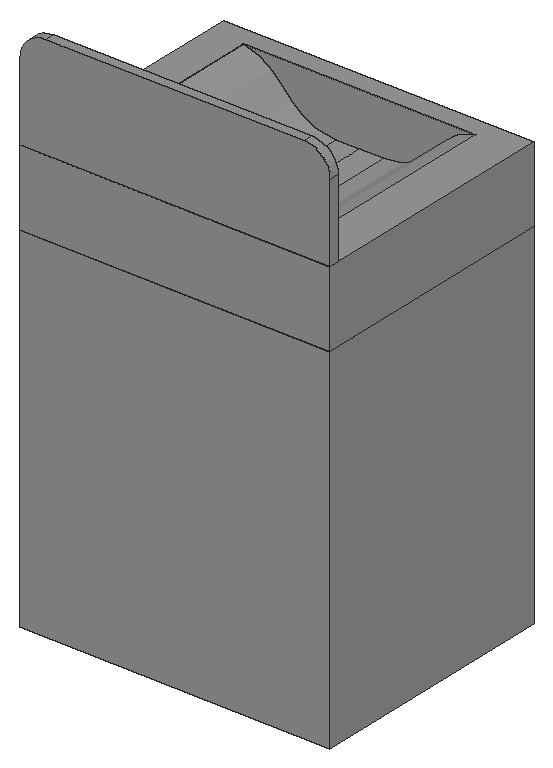
Revit family "Single Sink Vanity 24 in_Wall Hung", category Casework, host Wall, Revit 2025
Family settings
  Host = Wall
  OmniClass Number = 23.40.35.00
  OmniClass Title = Casework
  Always vertical = Yes
  Cut with Voids When Loaded = No
  Shared = No
  Room Calculation Point = No
Parameters (values of type "Single Sink Vanity 794mm_Wall Hung")
  Mirror Height = 0' - 4.06299"
  Length = 3' - 6"
  Height = 2' - 9.46457"
  Depth = 1' - 7.68504"
  Default Elevation = 0' - 0"
  Cabinet Mullions = 0' - 0 3/4"
Types (2): name
  Single Sink Vanity 794mm_Wall Hung
  Single Sink Vanity 24"_Wall Hung
Reference planes (in)
  plane 1: y = 0
  plane 2 "Center (Left/Right)": x = 0
  plane 3 "Left": x = -2.50394
  plane 4 "Right": x = 39.49606
  plane 5 "Front": y = 22.68504
  plane 6 "Back": y = 3
  plane 7 "Top": z = 33.46457
Forms (in)
  Extrusion 1, solid, material "Solid Surface Countertop"
    sketch origin (4.26772, 0, 0) x (1, 0, 0) y (0, 1, 0)
      loop
        line (-11.51181, 22.68504) -> (-11.51181, 3) -> (12.52709, 3) -> (12.52709, 22.68504) -> (-11.51181, 22.68504)
    from 27.55859 to 33.46484
  Extrusion 2, solid, material "Ash"
    sketch origin (-0.09375, 0, 0) x (1, 0, 0) y (0, 1, 0)
      loop
        line (-7.15034, 3) -> (16.88856, 3) -> (16.88856, 22.68504) -> (-7.15034, 22.68504) -> (-7.15034, 3)
    from 0 to 27.55859
  Extrusion 3, void
    sketch origin (2.51378, 22.68504, 0) x (-1, 0, 0) y (0, 0, -1)
      loop
        line (-11.02119, -33.46484) -> (-11.21668, -34.57353) -> (6.97881, -34.57353) -> (6.97881, -33.4264)
        spline (6.97881, -33.4264) -> (6.23926, -33.24547) -> (5.60882, -32.95943) -> (5.0628, -32.59104) -> (4.5765, -32.16306) -> (4.12522, -31.69822) -> (3.68426, -31.21928) -> (3.22894, -30.74899) -> (2.73456, -30.31011) -> (2.17641, -29.92536) -> (1.5298, -29.61752) -> (0.77004, -29.40933) -> (-0.12757, -29.32353)
        line (-0.12757, -29.32353) -> (-1.9879, -29.32353) -> (-3.84822, -29.32353)
        spline (-3.84822, -29.32353) -> (-4.75425, -29.41013) -> (-5.52112, -29.62028) -> (-6.17379, -29.931) -> (-6.73717, -30.31935) -> (-7.23618, -30.76235) -> (-7.69577, -31.23704) -> (-8.14085, -31.72047) -> (-8.59636, -32.18966) -> (-9.08722, -32.62165) -> (-9.63836, -32.99349) -> (-10.27471, -33.28221) -> (-11.02119, -33.46484)
    from 1.48177 to 15.74504
  Extrusion 4, solid, material "Solid Surface Countertop"
    sketch origin (-7.24409, 3, 33.46484) x (0, 0, 1) y (1, 0, 0)
      loop
        line (0, 24.0389) -> (0, 0) -> (6, 0)
        arc (6, 0) -> (7.41421, 0.58579) -> (8, 2) r 2
        line (8, 2) -> (8, 22.0389)
        arc (8, 22.0389) -> (7.41421, 23.45312) -> (6, 24.0389) r 2
        line (6, 24.0389) -> (0, 24.0389)
    from 0 to 0.75
  Extrusion 5, void
    sketch origin (39.40231, 22.68504, 0) x (1, 0, 0) y (0, 0, 1)
      loop
        line (-23.3575, 26.55859) -> (-45.89641, 26.55859) -> (-45.89641, 16.5293) -> (-23.3575, 16.5293) -> (-23.3575, 26.55859)
      loop
        line (-23.3575, 5) -> (-23.3575, 15.0293) -> (-45.89641, 15.0293) -> (-45.89641, 5) -> (-23.3575, 5)
    from 0 to 0.75
  Extrusion 6, void
    sketch origin (39.40231, 22.68504, 0) x (1, 0, 0) y (0, 0, 1)
      loop
        line (-23.3575, 0) -> (-23.3575, 4.30859) -> (-45.89641, 4.30859) -> (-45.89641, 0) -> (-23.3575, 0)
    from 0 to 4
Cuts and joins
  Extrusion 3 cuts Extrusion 1
  Extrusion 5, Extrusion 6 cuts Extrusion 2
Lines and regions (in)
  reference lines
    curve 1: line (28.75591, 3, 33.46484) -> (28.75591, 3, 77.46484)
    curve 2: line (-7.24409, 3, 33.46484) -> (-7.24409, 3, 76.46484)
    curve 3: line (24.74606, 36.93504, 0) -> (24.74606, -6.31496, 0)
    curve 4: line (-7.24409, 22.68504, 25.30859) -> (28.75591, 22.68504, 25.30859)
  model lines, style "Casework"
    curve 5: line (-7.24409, 22.68504, 15.7793) -> (16.79481, 22.68504, 15.7793)
    curve 6: line (-6.24409, 22.68504, 4.30859) -> (-7.24409, 22.68504, 4.30859)
    curve 7: line (15.79481, 22.68504, 4.30859) -> (16.79481, 22.68504, 4.30859)
Text (in)
  text "Placement Side" at (0, 40.15149, 123.01588), in view "Right"
  text "Placement Side" at (-65.09404, 56.76262, 0), in view "Ref. Level"
  text "Placement Side" at (0, 47.49176, 112.82392), in view "Left"
Dimensions and locks (in)
  locked: host wall to plane 6 "Back"
  "Depth": plane 6 "Back" to plane 5 "Front"
  plane 3 "Left" to plane 2 "Center (Left/Right)" to plane 4 "Right" = 0' - 2.50394", 3' - 3.49606"
  "Length": plane 3 "Left" to plane 4 "Right"
  "Height": plane 7 "Top" to level
  level to plane 7 "Top" = 2' - 9.46457"
  Extrusion 3 sketch curve to Extrusion 3 sketch curve = 1' - 6.00004"
  cut or joined group of Extrusion 1, Extrusion 3 to cut or joined group of Extrusion 1, Extrusion 3 = 2' - 0.0389"
Automatic sketch dimensions
  plane 4 "Right" to curve 1 = 0' - 10.74016"
  plane 7 "Top" to curve 2 = 0' - 0.00028"
  curve 2 to plane 2 "Center (Left/Right)" = 0' - 7.24409"
  plane 7 "Top" to curve 1 = 0' - 0.00028"
  curve 2 to curve 2 = 3' - 7"
  curve 2 to curve 1 = 0' - 1"
  host wall to curve 3 = 0' - 3.31496"
  plane 4 "Right" to curve 3 = 1' - 2 3/4"
  curve 3 to plane 5 "Front" = 1' - 2 1/4"
  Extrusion 1 sketch curve to host wall = 0' - 0"
  plane 3 "Left" to Extrusion 1 sketch curve = 0' - 4.74016"
  plane 5 "Front" to Extrusion 1 sketch curve = 0' - 0"
  plane 4 "Right" to Extrusion 1 sketch curve = 1' - 10.70125"
  plane 3 "Left" to Extrusion 2 sketch curve = 0' - 4.74016"
  plane 5 "Front" to Extrusion 2 sketch curve = 0' - 0"
  Extrusion 2 sketch curve to host wall = 0' - 0"
  plane 4 "Right" to Extrusion 2 sketch curve = 1' - 10.70125"
  plane 3 "Left" to curve 4 = 0' - 4.74016"
  curve 4 to plane 7 "Top" = 0' - 8.15597"
  plane 4 "Right" to curve 4 = 0' - 10.74016"
  Extrusion 3 sketch curve to Extrusion 1 = 0' - 0"
  Extrusion 1 to Extrusion 3 sketch curve = 0' - 1.10869"
  Extrusion 1 to Extrusion 3 sketch curve = 0' - 3.06435"
  Extrusion 3 sketch curve to Extrusion 3 sketch curve = 0' - 0.19549"
  Extrusion 3 sketch curve to Extrusion 1 = 0' - 1.76494"
  Extrusion 3 sketch curve to Extrusion 3 sketch curve = 0' - 7.17296"
  Extrusion 3 sketch curve to Extrusion 3 sketch curve = 0' - 1.86033"  (x2)
  Extrusion 3 sketch curve to Extrusion 3 sketch curve = 0' - 7.10638"
  Extrusion 4 sketch curve to curve 2 = 0' - 0"  (x2)
  curve 2 to Extrusion 4 sketch curve = 2' - 0.0389"
  curve 2 to Extrusion 4 sketch curve = 0' - 6"  (x2)
  Extrusion 4 sketch curve to Extrusion 4 sketch curve = 0' - 2"
  Extrusion 6 sketch curve to Extrusion 2 = 0' - 0"
  Extrusion 2 to Extrusion 6 sketch curve = 0' - 0 3/4"
  Extrusion 6 sketch curve to Extrusion 2 = 0' - 0 3/4"
  Extrusion 2 to Extrusion 6 sketch curve = 0' - 4 79/256"
  Extrusion 2 to curve 5 = 0' - 0"  (x2)
  Extrusion 2 to curve 7 = 0' - 0"
  Extrusion 2 to curve 6 = 0' - 0"
  Extrusion 2 to curve 7 = 0' - 1"
  Extrusion 2 to curve 7 = 0' - 4 79/256"
  curve 6 to Extrusion 2 = 0' - 1"
  Extrusion 2 to curve 6 = 0' - 4 79/256"
  curve 7 to curve 5 = 0' - 11.4707"
  Extrusion 2 to Extrusion 5 sketch curve = 0' - 0 3/4"  (x2)
  Extrusion 5 sketch curve to Extrusion 2 = 0' - 0 3/4"  (x2)
  Extrusion 5 sketch curve to Extrusion 2 = 0' - 5"
  Extrusion 5 sketch curve to Extrusion 5 sketch curve = 0' - 10.0293"
  Extrusion 5 sketch curve to Extrusion 5 sketch curve = 0' - 1 1/2"
  Extrusion 5 sketch curve to Extrusion 2 = 0' - 1"
